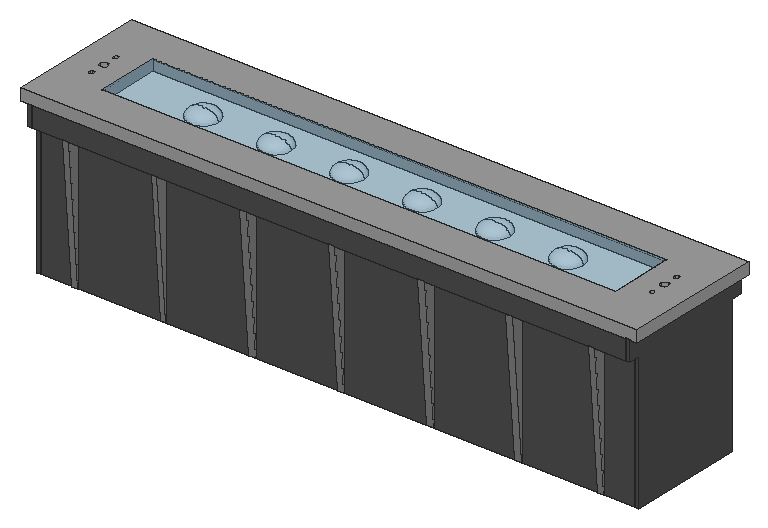
Revit family "POOL LINEAL 18W ASIMETRICA_U2418AW.1", category Luminarias, Revit 2019
Family settings
  Cota de conector redondo = Diámetro de uso
  Tipo de pieza = Normal
  Se basa en plano de trabajo = Sí
  Siempre vertical = No
  Corte con vacíos al cargar = No
  Origen de luz = Sí
  Compartido = No
  Punto de cálculo de habitación = No
Parameters (values of type "SUB_U2418AW.1")
  Ángulo de inclinación = 60.00°
  Zone [instance] = ""
  Watt per fixture = 22.8
  Wattage = 7.41878 W
  built-in parameter 1150107 = 3000 (stored number, unit not read)
  built-in parameter 1150110 = 1 (stored number, unit not read)
  built-in parameter 1150109 = 1 (stored number, unit not read)
  built-in parameter 1150112 = 1 (stored number, unit not read)
  built-in parameter 1150113 = 1 (stored number, unit not read)
  built-in parameter 1114218 = 1 (stored number, unit not read)
  Keynote = ""
  built-in parameter 1150137 = (empty or 0)
  built-in parameter 1150132 = 2
  Modelo = "U2418AW.1"
  Lámpara = "Nichia"
  built-in parameter 1150105 = 87.694 (stored number, unit not read)
  built-in parameter 1150102 = (empty or 0)
  built-in parameter 1150106 = 0.87694 (stored number, unit not read)
  Lumens = 1102 lm
  Color Filter = 16777215
  built-in parameter 1114217 = 1 (stored number, unit not read)
  built-in parameter 1150139 = (empty or 0)
  Fabricante = "BRILLANT"
  Default Elevation = 0 mm
  built-in parameter 1150104 = 13.8 (stored number, unit not read)
  Descripción = "LUMINARIA SUB ACUATICA TIPO LINEAL OPTICA ASIMETRICA, ACABADO EN ACERO INOXIDABLE, SELLO EN SILICON Y CUPERO MOLDEADO EN CROMO MIDIENDO 355MM DE LARGO POR 90MM CONSIDERANDO EL HOUSING, 6 LED TIPO NICHIA CON UN CONSUMO TOTAL DE 22.8W, 1102 LUMENES,  CON UNA TEMPERATURA EN BLANCO CALIDO DE 3000K, IP 68, IRC 80, IK 10, SUMERGIBLE MAXIMO 2M, CABLE H05RN DE 3M, UNICA APERTURA ASIMETRICA DE 45X35 GRADOS, ALIMENTADA A 24V. REQUIERE ACCESORIOS."
  built-in parameter 1150115 = 1 (stored number, unit not read)
  built-in parameter 1150114 = 1 (stored number, unit not read)
  Comentarios de vataje = "24"
  built-in parameter 1150138 = (empty or 0)
  built-in parameter 1150134 = (empty or 0)
  Circuit [instance] = ""
  Dimming Lamp Color Temperature Shift = (empty or 0)
  Archivo de red fotométrica = "U2418SW.13000K.IES"
  built-in parameter 1150133 = 10 (stored number, unit not read)
Reference planes
  plane 1 "Centro (Frontal/Posterior)": y = 0
  plane 2: z = 10
  plane 3 "Centro (Izquierda/Derecha)": x = 0
  plane 4: x = -177.5
  plane 5: x = 177.5
  plane 6: z = 100
  plane 7: y = 40
  plane 8: y = -40
  plane 9: y = 28.5
  plane 10: y = -28.5
  plane 11: x = 158
  plane 12: y = 23.5
  plane 13: y = -23.5
  plane 14: x = -153
  plane 15: x = 153
  plane 16: x = -30
  plane 17: x = 30
  plane 18: x = 33
  plane 19: x = -33
  plane 20: y = 60
  plane 21: y = -60
  plane 22: x = 27
  plane 23: x = -27
  plane 24: x = -102
  plane 25: x = -51
  plane 26: x = 0
  plane 27: x = 51
  plane 28: x = 102
  plane 29: x = 153
  plane 30: x = -148
  plane 31: y = 18.5
  plane 32: y = -18.5
  plane 33: x = 148
  plane 34: x = 105.714
  plane 35: z = 60
  plane 36: y = 34
  plane 37: y = -34
  plane 38: x = 171
  plane 39: x = -171
Forms (mm)
  Extrusion 1, solid, material "Aluminio"
    sketch origin (0, 0, 10) x (1, 0, 0) y (0, 1, 0)
      loop
        line (-177.5, 40) -> (-177.5, -40) -> (177.5, -40) -> (177.5, 40) -> (-177.5, 40)
      loop
        line (-148, 18.5) -> (-148, -18.5) -> (148, -18.5) -> (148, 18.5) -> (-148, 18.5)
    from 90 to 96.429
  Extrusion 2, solid
    sketch origin (0, 30, 10) x (1, 0, 0) y (0, 1, 0)
      loop
        line (-158, -1.5) -> (-158, -58.5) -> (158, -58.5) -> (158, -1.5) -> (-158, -1.5)
    from 50 to 90
  Extrusion 3, solid, material "Cristal"
    sketch origin (0, 0, 10) x (1, 0, 0) y (0, 1, 0)
      loop
        line (-148, 18.5) -> (-148, -18.5) -> (148, -18.5) -> (148, 18.5) -> (-148, 18.5)
    from 96.429 to 95.596
  Revolve 4, solid
    sketch origin (0, 0, 7.872) x (1, 0, 0) y (0, 0, 1)
      loop
        line (105.714, 97.128) -> (105.714, 92.128) -> (114.371, 92.128)
        spline (114.371, 92.128) -> (114.297, 92.781) -> (114.076, 93.422) -> (113.712, 94.042) -> (113.211, 94.628) -> (112.582, 95.172) -> (111.835, 95.664) -> (110.984, 96.095) -> (110.043, 96.458) -> (109.027, 96.748) -> (107.955, 96.958) -> (106.844, 97.085) -> (105.714, 97.128)
      axis (105.714, 92.128) -> (105.714, 97.128)
    angle from 0 to 360
  Revolve 5, solid
    sketch origin (-42, 0, 7.872) x (1, 0, 0) y (0, 0, 1)
      loop
        line (105.714, 97.128) -> (105.714, 92.128) -> (114.371, 92.128)
        spline (114.371, 92.128) -> (114.297, 92.781) -> (114.076, 93.422) -> (113.712, 94.042) -> (113.211, 94.628) -> (112.582, 95.172) -> (111.835, 95.664) -> (110.984, 96.095) -> (110.043, 96.458) -> (109.027, 96.748) -> (107.955, 96.958) -> (106.844, 97.085) -> (105.714, 97.128)
      axis (105.714, 92.128) -> (105.714, 97.128)
    angle from 0 to 360
  Revolve 6, solid
    sketch origin (-84, 0, 7.872) x (1, 0, 0) y (0, 0, 1)
      loop
        line (105.714, 97.128) -> (105.714, 92.128) -> (114.371, 92.128)
        spline (114.371, 92.128) -> (114.297, 92.781) -> (114.076, 93.422) -> (113.712, 94.042) -> (113.211, 94.628) -> (112.582, 95.172) -> (111.835, 95.664) -> (110.984, 96.095) -> (110.043, 96.458) -> (109.027, 96.748) -> (107.955, 96.958) -> (106.844, 97.085) -> (105.714, 97.128)
      axis (105.714, 92.128) -> (105.714, 97.128)
    angle from 0 to 360
  Revolve 7, solid
    sketch origin (-126, 0, 7.872) x (1, 0, 0) y (0, 0, 1)
      loop
        line (105.714, 97.128) -> (105.714, 92.128) -> (114.371, 92.128)
        spline (114.371, 92.128) -> (114.297, 92.781) -> (114.076, 93.422) -> (113.712, 94.042) -> (113.211, 94.628) -> (112.582, 95.172) -> (111.835, 95.664) -> (110.984, 96.095) -> (110.043, 96.458) -> (109.027, 96.748) -> (107.955, 96.958) -> (106.844, 97.085) -> (105.714, 97.128)
      axis (105.714, 92.128) -> (105.714, 97.128)
    angle from 0 to 360
  Revolve 8, solid
    sketch origin (-168, 0, 7.872) x (1, 0, 0) y (0, 0, 1)
      loop
        line (105.714, 97.128) -> (105.714, 92.128) -> (114.371, 92.128)
        spline (114.371, 92.128) -> (114.297, 92.781) -> (114.076, 93.422) -> (113.712, 94.042) -> (113.211, 94.628) -> (112.582, 95.172) -> (111.835, 95.664) -> (110.984, 96.095) -> (110.043, 96.458) -> (109.027, 96.748) -> (107.955, 96.958) -> (106.844, 97.085) -> (105.714, 97.128)
      axis (105.714, 92.128) -> (105.714, 97.128)
    angle from 0 to 360
  Revolve 9, solid
    sketch origin (-210, 0, 7.872) x (1, 0, 0) y (0, 0, 1)
      loop
        line (105.714, 97.128) -> (105.714, 92.128) -> (114.371, 92.128)
        spline (114.371, 92.128) -> (114.297, 92.781) -> (114.076, 93.422) -> (113.712, 94.042) -> (113.211, 94.628) -> (112.582, 95.172) -> (111.835, 95.664) -> (110.984, 96.095) -> (110.043, 96.458) -> (109.027, 96.748) -> (107.955, 96.958) -> (106.844, 97.085) -> (105.714, 97.128)
      axis (105.714, 92.128) -> (105.714, 97.128)
    angle from 0 to 360
  Extrusion 10, solid
    sketch origin (-2.489, 0, 10) x (1, 0, 0) y (0, 1, 0)
      loop
        circle (-102, 0) r 7.477
    from 44.739 to 50
  Extrusion 11, solid
    sketch origin (-2.489, 0, 10) x (1, 0, 0) y (0, 1, 0)
      loop
        line (-102, 7.477) -> (-108.476, 3.739) -> (-108.476, -3.739) -> (-102, -7.477) -> (-95.524, -3.739) -> (-95.524, 3.739) -> (-102, 7.477)
    from 39.626 to 44.739
  Extrusion 12, solid
    sketch origin (-2.489, 0, 10) x (1, 0, 0) y (0, 1, 0)
      loop
        circle (-102, 0) r 6.476
    from 29.65 to 39.626
  Extrusion 13, solid, material "Default Wall"
    sketch origin (0, 0, 4.156) x (0, 1, 0) y (0, 0, 1)
      loop
        line (-40, 84.128) -> (-33.5, 5.844) -> (-33.5, 84.128) -> (-40, 84.128)
      loop
        line (40, 84.128) -> (33.5, 84.128) -> (33.5, 5.844) -> (40, 84.128)
    from -153 to -149.64
  Extrusion 14, solid, material "Default Wall"
    sketch origin (0, 0, 4.156) x (0, 1, 0) y (0, 0, 1)
      loop
        line (-33.5, 84.128) -> (-40, 84.128) -> (-33.5, 5.844) -> (-33.5, 84.128)
      loop
        line (40, 84.128) -> (33.5, 84.128) -> (33.5, 5.844) -> (40, 84.128)
    from 102 to 106.134
  Extrusion 15, solid, material "Default Wall"
    sketch origin (0, 0, 4.156) x (0, 1, 0) y (0, 0, 1)
      loop
        line (-33.5, 84.128) -> (-40, 84.128) -> (-33.5, 5.844) -> (-33.5, 84.128)
      loop
        line (40, 84.128) -> (33.5, 84.128) -> (33.5, 5.844) -> (40, 84.128)
    from 51 to 55.205
  Extrusion 16, solid, material "Default Wall"
    sketch origin (0, 0, 4.156) x (0, 1, 0) y (0, 0, 1)
      loop
        line (-33.5, 84.128) -> (-40, 84.128) -> (-33.5, 5.844) -> (-33.5, 84.128)
      loop
        line (40, 84.128) -> (33.5, 84.128) -> (33.5, 5.844) -> (40, 84.128)
    from 0 to 3.249
  Extrusion 17, solid, material "Default Wall"
    sketch origin (0, 0, 4.156) x (0, 1, 0) y (0, 0, 1)
      loop
        line (-33.5, 84.128) -> (-40, 84.128) -> (-33.5, 5.844) -> (-33.5, 84.128)
      loop
        line (40, 84.128) -> (33.5, 84.128) -> (33.5, 5.844) -> (40, 84.128)
    from -51 to -47.362
  Extrusion 18, solid, material "Default Wall"
    sketch origin (0, 0, 4.156) x (0, 1, 0) y (0, 0, 1)
      loop
        line (-33.5, 84.128) -> (-40, 84.128) -> (-33.5, 5.844) -> (-33.5, 84.128)
      loop
        line (40, 84.128) -> (33.5, 84.128) -> (33.5, 5.844) -> (40, 84.128)
    from -102 to -98.888
  Extrusion 19, solid, material "Default Wall"
    sketch origin (0, 0, 4.156) x (0, 1, 0) y (0, 0, 1)
      loop
        line (-33.5, 84.128) -> (-40, 84.128) -> (-33.5, 5.844) -> (-33.5, 84.128)
      loop
        line (40, 84.128) -> (33.5, 84.128) -> (33.5, 5.844) -> (40, 84.128)
    from 149.634 to 153
  Extrusion 20, solid, material "Plastico"
    sketch origin (0, 0, 0) x (0, 1, 0) y (0, 0, 1)
      loop
        line (40, 100) -> (35, 100) -> (35, 93.285) -> (28.5, 93.285) -> (28.5, 15) -> (-28.5, 15) -> (-28.5, 93.285) -> (-35, 93.285) -> (-35, 100) -> (-40, 100) -> (-40, 88.285) -> (-33.5, 88.285) -> (-33.5, 10) -> (33.5, 10) -> (33.5, 88.285) -> (40, 88.285) -> (40, 100)
    from -171 to 171
  Extrusion 21, solid, material "Plastico"
    sketch origin (0, 0, 0) x (0, 1, 0) y (0, 0, 1)
      loop
        line (40, 100) -> (-40, 100) -> (-40, 88.285) -> (-33.5, 88.285) -> (-33.5, 10) -> (33.5, 10) -> (33.5, 88.285) -> (40, 88.285) -> (40, 100)
    from 171 to 173.269
  Extrusion 22, solid, material "Plastico"
    sketch origin (0, 0, 0) x (0, 1, 0) y (0, 0, -1)
      loop
        line (40, -100) -> (40, -88.285) -> (33.5, -88.285) -> (33.5, -10) -> (-33.5, -10) -> (-33.5, -88.285) -> (-40, -88.285) -> (-40, -100) -> (40, -100)
    from 171 to 173.269
  Extrusion 23, void
    sketch origin (0, 0, 10) x (1, 0, 0) y (0, 1, 0)
      loop
        circle (161.268, 0) r 2.268
      loop
        circle (161.268, 8.763) r 1.343
      loop
        circle (161.268, -8.763) r 1.343
      loop
        circle (-161.268, 0) r 2.268
      loop
        circle (-161.268, 8.763) r 1.343
      loop
        circle (-161.268, -8.763) r 1.343
    from 90 to 96.429
Cuts and joins
  Extrusion 23 cuts Extrusion 20
  Extrusion 23 cuts Extrusion 1
Dimensions and locks
  equal spacing: plane 4, plane 3 "Centro (Izquierda/Derecha)", plane 5
  plane 4 to plane 5 = 355 mm  (x2)
  plane 4 to plane 3 "Centro (Izquierda/Derecha)" = 177.5 mm
  plane 6 to plane 2 = 90 mm
  plane 7 to plane 1 "Centro (Frontal/Posterior)" = 40 mm
  equal spacing: plane 7, plane 1 "Centro (Frontal/Posterior)", plane 8
  plane 7 to plane 8 = 80 mm
  plane 7 to plane 9 = 11.5 mm
  plane 10 to plane 8 = 11.5 mm
  plane 11 to plane 5 = 19.5 mm
  plane 6 to level = 90 mm
  plane 9 to plane 12 = 5 mm
  plane 13 to plane 10 = 5 mm
  plane 15 to plane 11 = 5 mm
  plane 16 to plane 3 "Centro (Izquierda/Derecha)" = 30 mm
  plane 19 to plane 16 = 3 mm
  plane 3 "Centro (Izquierda/Derecha)" to plane 17 = 30 mm
  plane 17 to plane 18 = 3 mm
  equal spacing: plane 20, plane 1 "Centro (Frontal/Posterior)", plane 21
  plane 1 "Centro (Frontal/Posterior)" to plane 20 = 60 mm
  plane 20 to plane 21 = 120 mm
  plane 16 to plane 23 = 3 mm
  plane 22 to plane 17 = 3 mm
  plane 29 to plane 28 to plane 27 to plane 26 to plane 25 to plane 24 to plane 14 = 51 mm, 51 mm, 51 mm, 51 mm, 51 mm, 51 mm
  Extrusion 1 to plane 30 = 29.5 mm
  Extrusion 1 to plane 32 = 21.5 mm
  Extrusion 1 to plane 31 = 21.5 mm
  plane 33 to Extrusion 1 = 29.5 mm
  plane 33 to plane 30 = 296 mm
  plane 33 to plane 34 = 42.286 mm
  plane 5 to plane 4 = 355 mm
  equal spacing: plane 5, plane 26, plane 4
  plane 26 to plane 4 = 177.5 mm
  plane 1 "Centro (Frontal/Posterior)" to plane 7 = 40 mm
  equal spacing: plane 8, plane 1 "Centro (Frontal/Posterior)", plane 7
  plane 8 to plane 7 = 80 mm
  plane 6 to plane 35 = 40 mm
  equal spacing: plane 36, plane 1 "Centro (Frontal/Posterior)", plane 37
  plane 36 to plane 1 "Centro (Frontal/Posterior)" = 34 mm
  plane 36 to plane 37 = 68 mm
  plane 39 to plane 3 "Centro (Izquierda/Derecha)" = 171 mm
  equal spacing: plane 39, plane 3 "Centro (Izquierda/Derecha)", plane 38
  plane 39 to plane 38 = 342 mm
  aligned and locked: level to plane 2
  aligned and locked: Extrusion 2 to plane 9
  aligned and locked: plane 10 to Extrusion 2
  aligned and locked: plane 11 to Extrusion 2
  aligned and locked: Extrusion 1 sketch curve to plane 33
  aligned and locked: Extrusion 1 sketch curve to Extrusion 3  (x2)
  aligned and locked: plane 30 to Extrusion 1 sketch curve
  aligned and locked: Extrusion 1 to Extrusion 3
  aligned and locked: Extrusion 2 to plane 35
  aligned and locked: Extrusion 10 to Extrusion 2
  aligned and locked: plane 38 to Extrusion 20
  aligned and locked: Extrusion 20 to plane 39
  aligned and locked: Extrusion 1 to plane 4
  aligned and locked: plane 5 to Extrusion 1
  aligned and locked: Extrusion 1 to Extrusion 23
Automatic sketch dimensions
  Extrusion 1 sketch curve to plane 4 = 0 mm
  Extrusion 1 sketch curve to plane 5 = 0 mm
  plane 8 to Extrusion 1 sketch curve = 0 mm
  plane 7 to Extrusion 1 sketch curve = 0 mm
  plane 10 to Extrusion 2 sketch curve = 0 mm
  plane 9 to Extrusion 2 sketch curve = 0 mm
  Extrusion 2 sketch curve to plane 11 = 0 mm
  Extrusion 2 sketch curve to plane 14 = 5 mm
  Extrusion 3 sketch curve to plane 30 = 0 mm
  plane 32 to Extrusion 3 sketch curve = 0 mm
  Extrusion 3 sketch curve to plane 33 = 0 mm
  Extrusion 3 sketch curve to plane 31 = 0 mm
  Revolve 4 sketch curve to plane 6 = 0 mm  (x2)
  Revolve 4 sketch curve to plane 34 = 0 mm  (x2)
  Revolve 4 sketch curve to Revolve 4 sketch curve = 5 mm
  Revolve 4 sketch curve to plane 28 = 4.942 mm
  Revolve 4 sketch curve to Revolve 4 sketch curve = 0 mm
  Revolve 4 sketch curve to Revolve 4 sketch curve = 16.888 mm
  Revolve 5 sketch curve to plane 6 = 0 mm  (x2)
  plane 6 to Revolve 5 sketch curve = 5 mm
  plane 27 to Revolve 5 sketch curve = 12.714 mm
  Revolve 5 sketch curve to Revolve 5 sketch curve = 0 mm  (x2)
  plane 27 to Revolve 5 sketch curve = 4.058 mm
  Revolve 5 sketch curve to Revolve 5 sketch curve = 16.888 mm
  Revolve 6 sketch curve to plane 6 = 0 mm  (x2)
  Revolve 6 sketch curve to plane 22 = 5.286 mm
  plane 6 to Revolve 6 sketch curve = 5 mm
  Revolve 6 sketch curve to Revolve 6 sketch curve = 0 mm  (x2)
  Revolve 6 sketch curve to Revolve 6 sketch curve = 8.657 mm
  Revolve 6 sketch curve to Revolve 6 sketch curve = 16.888 mm
  Revolve 7 sketch curve to plane 6 = 0 mm  (x2)
  plane 23 to Revolve 7 sketch curve = 6.714 mm
  plane 6 to Revolve 7 sketch curve = 5 mm
  Revolve 7 sketch curve to Revolve 7 sketch curve = 0 mm  (x2)
  plane 16 to Revolve 7 sketch curve = 1.058 mm
  Revolve 7 sketch curve to Revolve 7 sketch curve = 16.888 mm
  Revolve 8 sketch curve to plane 6 = 0 mm  (x2)
  plane 6 to Revolve 8 sketch curve = 5 mm
  Revolve 8 sketch curve to plane 25 = 11.286 mm
  Revolve 8 sketch curve to Revolve 8 sketch curve = 0 mm  (x2)
  Revolve 8 sketch curve to Revolve 8 sketch curve = 8.657 mm
  Revolve 8 sketch curve to Revolve 8 sketch curve = 16.888 mm
  Revolve 9 sketch curve to plane 6 = 0 mm  (x2)
  Revolve 9 sketch curve to plane 24 = 2.286 mm
  plane 6 to Revolve 9 sketch curve = 5 mm
  Revolve 9 sketch curve to Revolve 9 sketch curve = 0 mm  (x2)
  Revolve 9 sketch curve to Revolve 9 sketch curve = 8.657 mm
  Revolve 9 sketch curve to Revolve 9 sketch curve = 16.888 mm
  plane 1 "Centro (Frontal/Posterior)" to Extrusion 10 sketch curve = 0 mm
  Extrusion 10 sketch curve to plane 24 = 2.489 mm
  plane 1 "Centro (Frontal/Posterior)" to Extrusion 12 sketch curve = 0 mm
  Extrusion 12 sketch curve to plane 24 = 2.489 mm
  Extrusion 20 sketch curve to plane 8 = 0 mm
  Extrusion 20 sketch curve to plane 6 = 0 mm  (x2)
  Extrusion 20 sketch curve to level = 0 mm
  Extrusion 20 sketch curve to plane 10 = 0 mm
  Extrusion 20 sketch curve to plane 9 = 0 mm
  Extrusion 20 sketch curve to plane 7 = 0 mm
  plane 37 to Extrusion 20 sketch curve = 1 mm
  Extrusion 20 sketch curve to plane 37 = 0.5 mm
  plane 36 to Extrusion 20 sketch curve = 0.5 mm
  Extrusion 20 sketch curve to plane 36 = 1 mm
  level to Extrusion 20 sketch curve = 5 mm
  Extrusion 20 sketch curve to plane 6 = 11.715 mm
  Extrusion 20 sketch curve to Extrusion 20 sketch curve = 11.715 mm
  Extrusion 20 sketch curve to plane 6 = 6.715 mm  (x2)
  Extrusion 21 sketch curve to plane 6 = 0 mm
  Extrusion 21 sketch curve to plane 8 = 0 mm
  Extrusion 21 sketch curve to level = 0 mm
  Extrusion 21 sketch curve to plane 7 = 0 mm
  Extrusion 21 sketch curve to plane 37 = 0.5 mm
  plane 36 to Extrusion 21 sketch curve = 0.5 mm
  Extrusion 21 sketch curve to plane 6 = 11.715 mm  (x2)
  Extrusion 22 sketch curve to plane 6 = 0 mm
  Extrusion 22 sketch curve to plane 8 = 0 mm
  Extrusion 22 sketch curve to level = 0 mm
  Extrusion 22 sketch curve to plane 7 = 0 mm
  Extrusion 22 sketch curve to plane 37 = 0.5 mm
  plane 36 to Extrusion 22 sketch curve = 0.5 mm
  Extrusion 22 sketch curve to plane 6 = 11.715 mm  (x2)
  Extrusion 13 sketch curve to plane 8 = 0 mm
  Extrusion 13 sketch curve to level = 0 mm  (x2)
  Extrusion 13 sketch curve to plane 7 = 0 mm
  Extrusion 13 sketch curve to plane 37 = 0.5 mm
  plane 36 to Extrusion 13 sketch curve = 0.5 mm
  Extrusion 13 sketch curve to plane 6 = 11.715 mm  (x2)
  Extrusion 18 sketch curve to plane 8 = 0 mm
  Extrusion 18 sketch curve to level = 0 mm  (x2)
  Extrusion 18 sketch curve to plane 7 = 0 mm
  Extrusion 18 sketch curve to plane 37 = 0.5 mm
  plane 36 to Extrusion 18 sketch curve = 0.5 mm
  Extrusion 18 sketch curve to plane 6 = 11.715 mm  (x2)
  Extrusion 17 sketch curve to plane 32 = 21.5 mm
  plane 1 "Centro (Frontal/Posterior)" to Extrusion 17 sketch curve = 33.5 mm
  Extrusion 17 sketch curve to plane 20 = 26.5 mm
  Extrusion 17 sketch curve to Extrusion 17 sketch curve = 6.5 mm
  Extrusion 17 sketch curve to plane 35 = 50 mm  (x2)
  Extrusion 17 sketch curve to plane 6 = 11.715 mm  (x2)
  Extrusion 16 sketch curve to level = 0 mm  (x2)
  plane 7 to Extrusion 16 sketch curve = 6.5 mm
  plane 10 to Extrusion 16 sketch curve = 5 mm
  plane 37 to Extrusion 16 sketch curve = 6 mm
  Extrusion 16 sketch curve to plane 7 = 0 mm
  Extrusion 16 sketch curve to plane 6 = 11.715 mm  (x2)
  Extrusion 15 sketch curve to level = 0 mm  (x2)
  plane 7 to Extrusion 15 sketch curve = 6.5 mm
  plane 10 to Extrusion 15 sketch curve = 5 mm
  plane 37 to Extrusion 15 sketch curve = 6 mm
  Extrusion 15 sketch curve to plane 7 = 0 mm
  Extrusion 15 sketch curve to plane 6 = 11.715 mm  (x2)
  Extrusion 14 sketch curve to level = 0 mm  (x2)
  plane 7 to Extrusion 14 sketch curve = 6.5 mm
  plane 10 to Extrusion 14 sketch curve = 5 mm
  plane 37 to Extrusion 14 sketch curve = 6 mm
  Extrusion 14 sketch curve to plane 7 = 0 mm
  Extrusion 14 sketch curve to plane 6 = 11.715 mm  (x2)
  Extrusion 19 sketch curve to level = 0 mm  (x2)
  plane 7 to Extrusion 19 sketch curve = 6.5 mm
  plane 10 to Extrusion 19 sketch curve = 5 mm
  plane 37 to Extrusion 19 sketch curve = 6 mm
  Extrusion 19 sketch curve to plane 7 = 0 mm
  Extrusion 19 sketch curve to plane 6 = 11.715 mm  (x2)
  plane 1 "Centro (Frontal/Posterior)" to Extrusion 23 sketch curve = 0 mm  (x2)
  Extrusion 23 sketch curve to plane 14 = 8.268 mm  (x3)
  plane 11 to Extrusion 23 sketch curve = 3.268 mm  (x3)
  plane 1 "Centro (Frontal/Posterior)" to Extrusion 23 sketch curve = 8.763 mm  (x2)
  Extrusion 23 sketch curve to plane 1 "Centro (Frontal/Posterior)" = 8.763 mm  (x2)
  radius of Extrusion 10 sketch curve = 7.477 mm
  radius of Extrusion 12 sketch curve = 6.476 mm
  radius of Extrusion 23 sketch curve = 2.268 mm  (x2)
  radius of Extrusion 23 sketch curve = 1.343 mm  (x4)
